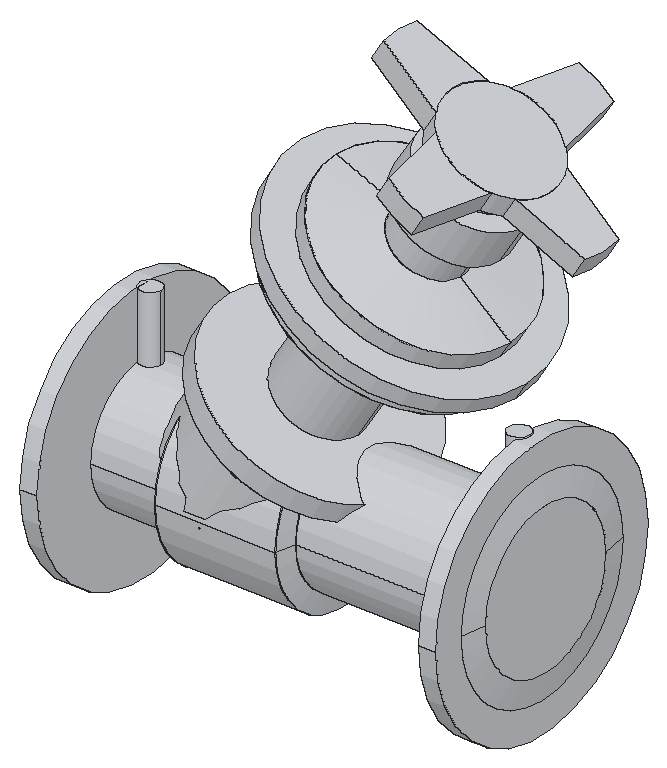
Revit family "224_DN125_40-160_RFA_2018", category Pipe Accessories, Revit 2018
Family settings
  Round Connector Dimension = Use Diameter
  Part Type = Valve - Breaks Into
  Work Plane-Based = No
  Always vertical = Yes
  Cut with Voids When Loaded = No
  Shared = No
Parameters (values of type "224_DN125_(40-160)")
  magiProductId = "9beb69b667494b6ab1f54942078ae6"
  magiProductFamilyId = "cb96b53648234cefb8c956722b95ac"
  magiPartTypeId = 304
  isMeasuringValve [instance] = no
  ang2D [instance] = 0.00°
  Z8 = 25.804 mm
  Z7 = 8.601 mm
  Z6 = 107.518 mm
  Z4 = 43.007 mm
  Z3 = 17.203 mm
  Z2 = 21.504 mm
  Z1 = 64.511 mm
  Y9 = 112.022 mm
  Y8 = 43.927 mm
  X9 = 19.752 mm
  X8 = 30.758 mm
  X5 = 166.25 mm
  X4 = 113.75 mm
  X1 = 16 mm
  W2D = 100 mm
  VersionID = "2.0/2018.4.11.4/ZETKAMA_224_001"
  Use Minimum Symbol Size [instance] = yes
  URL = "www.hydronic.cz"
  Type Comments = "přírubový ventil, PN16; -10~+120°C; dpmin=1,5xdpnast;"
  R8 = 53.625 mm
  R7 = 35.75 mm
  R6 = 96.688 mm
  R5 = 125 mm
  R4 = 113.75 mm
  R3 = 65 mm
  R2 = 95.5 mm
  R12 = 42.75 mm
  R10 = 71 mm
  QmdConnectorList = "301;D;302;D"
  Productdata [instance] = ""
  Manufacturer = "Hydronic Systems Prague s.r.o."
  Maintenance Zone Under Depth [instance] = 425 mm
  Maintenance Zone Right Depth [instance] = 400 mm
  Maintenance Zone Over Depth [instance] = 425 mm
  Maintenance Zone Left Depth [instance] = 400 mm
  Maintenance Zone Front Depth [instance] = 273 mm
  Maintenance Zone Back Depth [instance] = 273 mm
  Maintenance Zone Front Visibility [instance] = no
  MC Product Code = "224 125 7 (DN125; dpnast 40-160kPa; dpmax=250kPa; kvs=169,0kPa)"
  MC Piping Given Pressure Drop [instance] = 0.0 Pa
  LT2 = 200 mm
  L3 = 72 mm
  L2D_Min = 3048 mm
  L2D = 350 mm
  H5 = 62.5 mm
  FDT2 = 125 mm
  Description = "Regulátor diferenčního tlaku přírubový"
  DT21 = 62.5 mm
  DT2 = 62.5 mm
  D6 = 101.562 mm
  D5 = 81.25 mm
  D = 125 mm
  Clearance Zone Height Depth [instance] = 425 mm
  Clearance Zone Circular Radius [instance] = 400 mm
  Clearance Zone Visibility [instance] = no
  CAT0 = yes
  ARC2 = 1.728 mm
  ARC1 = 9.698 mm
  ANG = 32.00°
  A2 = 37.094 mm
  A1 = 59.363 mm
Types (10, lengths in mm): name | magiProductId | Z8 | Z7 | Z6 | Z4 | Z3 | Z2 | Z1 | X5 | X4 | X1 | R5 | R3 | R2 | R10 | Maintenance Zone Under Depth | Maintenance Zone Right Depth | Maintenance Zone Over Depth | Maintenance Zone Left Depth | MC Product Code | LT2 | L3 | H5 | FDT2 | DT21 | DT2 | D6 | D5 | D | Clearance Zone Height Depth | Clearance Zone Circular Radius | A2 | A1
  224_DN100_(40-160) | "71f9e553003c40d991c5e352e67284" | 24.389 | 8.13 | 101.622 | 40.649 | 16.26 | 20.324 | 60.973 | 152.2 | 91 | 14 | 110 | 52 | 80.5 | 58 | 405 | 350 | 405 | 350 | "224 100 7 (DN100; dpnast 40-160kPa; dpmax=250kPa; kvs=110,0kPa)" | 175 | 62.8 | 60 | 110 | 50 | 50 | 81.25 | 65 | 100 | 405 | 350 | 32.458 | 51.943
  224_DN100_(20-70) | "5e4de33176c64976a9c157b39996ce" | 24.389 | 8.13 | 101.622 | 40.649 | 16.26 | 20.324 | 60.973 | 152.2 | 91 | 14 | 110 | 52 | 80.5 | 58 | 405 | 350 | 405 | 350 | "224 100 3 (DN100; dpnast 20-70kPa; dpmax=250kPa; kvs=110,0kPa)" | 175 | 62.8 | 60 | 110 | 50 | 50 | 81.25 | 65 | 100 | 405 | 350 | 32.458 | 51.943
  224_DN125_(40-160) | "9beb69b667494b6ab1f54942078ae6" | 25.804 | 8.601 | 107.518 | 43.007 | 17.203 | 21.504 | 64.511 | 166.25 | 113.75 | 16 | 125 | 65 | 95.5 | 71 | 425 | 400 | 425 | 400 | "224 125 7 (DN125; dpnast 40-160kPa; dpmax=250kPa; kvs=169,0kPa)" | 200 | 72 | 62.5 | 125 | 62.5 | 62.5 | 101.562 | 81.25 | 125 | 425 | 400 | 37.094 | 59.363
  224_DN125_(20-70) | "2c85edc695ca465cb63b6911085491" | 25.804 | 8.601 | 107.518 | 43.007 | 17.203 | 21.504 | 64.511 | 166.25 | 113.75 | 16 | 125 | 65 | 95.5 | 71 | 425 | 400 | 425 | 400 | "224 125 3 (DN125; dpnast 20-70kPa; dpmax=250kPa; kvs=169,0kPa)" | 200 | 72 | 62.5 | 125 | 62.5 | 62.5 | 101.562 | 81.25 | 125 | 425 | 400 | 37.094 | 59.363
  224_DN150_(40-160) | "96017eba5eec4de2abe05c4d8dc7d1" | 26.866 | 8.955 | 89.552 | 44.776 | 17.91 | 22.388 | 89.552 | 223.38 | 115.5 | 19.2 | 142.5 | 70.2 | 108.5 | 84 | 440 | 480 | 440 | 480 | "224 150 7 (DN150; dpnast 40-160kPa; dpmax=250kPa; kvs=200,0kPa)" | 240 | 86.72 | 67.5 | 142.5 | 67.5 | 75 | 90.75 | 82.5 | 150 | 440 | 480 | 44.513 | 71.236
  224_DN150_(20-70) | "2dcf3707ec5549d494f72875a03dce" | 26.866 | 8.955 | 89.552 | 44.776 | 17.91 | 22.388 | 89.552 | 223.38 | 115.5 | 19.2 | 142.5 | 70.2 | 108.5 | 84 | 440 | 480 | 440 | 480 | "224 150 3 (DN150; dpnast 20-70kPa; dpmax=250kPa; kvs=200,0kPa)" | 240 | 86.72 | 67.5 | 142.5 | 67.5 | 75 | 90.75 | 82.5 | 150 | 440 | 480 | 44.513 | 71.236
  224_DN065_(40-160) | "7a3227ed888c4b0d8669ae9eb0085d" | 22.974 | 7.658 | 95.726 | 38.29 | 15.316 | 19.145 | 57.436 | 139.89 | 59.15 | 11.6 | 92.5 | 33.8 | 63 | 40.5 | 385 | 290 | 385 | 290 | "224 065 7 (DN65; dpnast 40-160kPa; dpmax=300kPa; kvs=48,4kPa)" | 145 | 51.76 | 60 | 92.5 | 32.5 | 32.5 | 52.812 | 42.25 | 65 | 385 | 290 | 26.893 | 43.038
  224_DN065_(20-70) | "bd269db4002540fe9b2a41f205afd7" | 22.974 | 7.658 | 95.726 | 38.29 | 15.316 | 19.145 | 57.436 | 139.89 | 59.15 | 11.6 | 92.5 | 33.8 | 63 | 40.5 | 385 | 290 | 385 | 290 | "224 065 3 (DN65; dpnast 20-70kPa; dpmax=300kPa; kvs=48,4kPa)" | 145 | 51.76 | 60 | 92.5 | 32.5 | 32.5 | 52.812 | 42.25 | 65 | 385 | 290 | 26.893 | 43.038
  224_DN080_(40-160) | "20b45c03d3cb49e9a44f946d5e2c2d" | 23.328 | 7.776 | 97.2 | 38.88 | 15.552 | 19.44 | 58.32 | 140.96 | 72.8 | 12.4 | 100 | 41.6 | 70.5 | 48 | 390 | 310 | 390 | 310 | "224 080 7 (DN80; dpnast 40-160kPa; dpmax=300kPa; kvs=74,5kPa)" | 155 | 55.44 | 60 | 100 | 40 | 40 | 65 | 52 | 80 | 390 | 310 | 28.748 | 46.007
  224_DN080_(20-70) | "2f63645f7c5342ecbadd0051fa47f2" | 23.328 | 7.776 | 97.2 | 38.88 | 15.552 | 19.44 | 58.32 | 140.96 | 72.8 | 12.4 | 100 | 41.6 | 70.5 | 48 | 390 | 310 | 390 | 310 | "224 080 3 (DN80; dpnast 20-70kPa; dpmax=300kPa; kvs=74,5kPa)" | 155 | 55.44 | 60 | 100 | 40 | 40 | 65 | 52 | 80 | 390 | 310 | 28.748 | 46.007
Reference planes
  plane 1 "Center (Front/Back)": y = 0
  plane 2 "XYPLANE": z = 0
  plane 3 "Center (Left/Right)": x = 0
  plane 4 "274": z = -425
  plane 5 "273": z = 425
  plane 6 "272": x = -400
  plane 7 "271": x = 400
  plane 8 "270": y = 273
  plane 9 "269": y = -273
  plane 10 "202": x = 175
  plane 11 "201": z = 62.5
  plane 12 "199": x = -173
  plane 13 "196": x = 13.75
  plane 14 "195": x = 9.75
  plane 15 "186": x = -104
  plane 16 "185": x = -108
  plane 17 "157": through (-518.951, 0, 584.815) normal (0.5299, 0, 0.848)
  plane 18 "123": y = -19.752
  plane 19 "122": y = -30.758
  plane 20 "120": y = 19.752
  plane 21 "119": y = 30.758
  plane 22 "118": through (252.097, 0, 726.856) normal (0.848, 0, -0.5299)
  plane 23 "117": through (384.349, 0, 644.216) normal (0.848, 0, -0.5299)
  plane 24 "116": through (442.096, 0, 608.131) normal (0.848, 0, -0.5299)
  plane 25 "115": through (309.844, 0, 690.772) normal (0.848, 0, -0.5299)
  plane 26 "113": y = -43.927
  plane 27 "112": y = -112.022
  plane 28 "110": through (373.181, 0, 651.195) normal (0.848, 0, -0.5299)
  plane 29 "108": through (330.345, 0, 677.961) normal (0.848, 0, -0.5299)
  plane 30 "107": through (321.012, 0, 683.793) normal (0.848, 0, -0.5299)
  plane 31 "106": through (363.848, 0, 657.027) normal (0.848, 0, -0.5299)
  plane 32 "105": y = 112.022
  plane 33 "104": y = 43.927
  plane 34 "99": through (-439.185, 0, 712.467) normal (0.5299, 0, 0.848)
  plane 35 "96": through (-450.58, 0, 694.231) normal (0.5299, 0, 0.848)
  plane 36 "91": through (-473.37, 0, 657.759) normal (0.5299, 0, 0.848)
  plane 37 "87": through (-496.161, 0, 621.287) normal (0.5299, 0, 0.848)
  plane 38 "84": through (-500.719, 0, 613.992) normal (0.5299, 0, 0.848)
  plane 39 "82": through (-509.835, 0, 599.404) normal (0.5299, 0, 0.848)
  plane 40 "75": through (-528.067, 0, 570.226) normal (0.5299, 0, 0.848)
  plane 41 "74": through (-541.741, 0, 548.342) normal (0.5299, 0, 0.848)
  plane 42 "41": through (-598.717, 0, 457.162) normal (0.5299, 0, 0.848)
  plane 43 "37": through (-610.112, 0, 438.926) normal (0.5299, 0, 0.848)
  plane 44 "34": through (-621.508, 0, 420.69) normal (0.5299, 0, 0.848)
  plane 45 "30": through (-655.693, 0, 365.982) normal (0.5299, 0, 0.848)
  plane 46 "28": y = 0
  plane 47 "27": through (347.096, 0, 667.494) normal (0.848, 0, -0.5299)
  plane 48 "24": x = 196
  plane 49 "23": x = 180
  plane 50 "15": x = -180
  plane 51 "11": x = -196
  plane 52 "6": x = 200
  plane 53 "5": x = -200
  plane 54 "3": z = 0
  plane 55 "2": y = 0
  plane 56 "1": x = 0
  plane 57 "25XY": through (-636.036, 0, 397.439) normal (0.5299, 0, 0.848)
  plane 58 "25XZ": y = 0
  plane 59 "25YZ": through (397.439, 0, 636.036) normal (0.848, 0, -0.5299)
Forms (mm)
  Blend 1, solid, visible <- "CAT0"
    base sketch origin (-541.741, 0, 548.342) x (0.848048, 0, -0.529919) y (0, 1, 0)
      loop
        circle (690.637, 0) r 42.75
    top sketch origin (-541.741, 0, 548.342) x (0.848048, 0, -0.529919) y (0, 1, 0)
      loop
        circle (690.637, 0) r 113.75
    from 0 to 25.804
  Blend 2, solid, visible <- "Maintenance Zone Front Visibility"
    base sketch origin (-750, 0, 425) x (1, 0, 0) y (0, 1, 0)
      loop
        line (350, 273) -> (350, -273) -> (1150, -273) -> (1150, 273) -> (350, 273)
    top sketch origin (-750, 0, 425) x (1, 0, 0) y (0, 1, 0)
      loop
        line (350, 273) -> (350, -273) -> (1150, -273) -> (1150, 273) -> (350, 273)
    from 0 to -850
  Extrusion 3, solid, visible <- "Clearance Zone Visibility"
    sketch origin (-750, 0, 0) x (1, 0, 0) y (0, 1, 0)
      loop
        circle (750, 0) r 400
    from 0 to 425 <- "Clearance Zone Height Depth"
  Extrusion 4, solid, visible <- "CAT0"
    sketch origin (-598.717, 0, 457.162) x (0.848048, 0, -0.529919) y (0, 1, 0)
      loop
        circle (690.637, 0) r 42.75
    from 0 to 107.518 <- "Z6"
  Extrusion 5, solid
    sketch origin (-750, 0, 62.5) x (1, 0, 0) y (0, 1, 0)
      loop
        circle (925, 0) r 10
    from 0 to 62.5 <- "H5"
  Extrusion 6, solid
    sketch origin (-750, 0, 62.5) x (1, 0, 0) y (0, 1, 0)
      loop
        circle (577, 0) r 10
    from 0 to 62.5 <- "H5"
  Extrusion 7, solid
    sketch origin (13.75, -750, 0) x (0, 1, 0) y (0, 0, 1)
      loop
        circle (750, 0) r 62.5
    from 0 to 166.25 <- "X5"
  Blend 8, solid
    base sketch origin (13.75, -750, 0) x (0, 1, 0) y (0, 0, 1)
      loop
        circle (750, 0) r 62.5
    top sketch origin (13.75, -750, 0) x (0, 1, 0) y (0, 0, 1)
      loop
        circle (750, 0) r 81.25
    from 0 to -4
  Extrusion 9, solid
    sketch origin (-104, -750, 0) x (0, 1, 0) y (0, 0, 1)
      loop
        circle (750, 0) r 81.25
    from 0 to 113.75 <- "X4"
  Blend 10, solid
    base sketch origin (-108, -750, 0) x (0, 1, 0) y (0, 0, 1)
      loop
        circle (750, 0) r 62.5
    top sketch origin (-108, -750, 0) x (0, 1, 0) y (0, 0, 1)
      loop
        circle (750, 0) r 81.25
    from 0 to 4
  Extrusion 11, solid
    sketch origin (-655.693, 0, 365.982) x (0.848048, 0, -0.529919) y (0, 1, 0)
      loop
        circle (690.637, 0) r 81.25
    from 0 to 64.511 <- "Z1"
  Extrusion 12, solid
    sketch origin (-528.067, 0, 570.226) x (0.848048, 0, -0.529919) y (0, 1, 0)
      loop
        circle (690.637, 0) r 113.75
    from 0 to 17.203 <- "Z3"
  Extrusion 13, solid
    sketch origin (-439.185, 0, 712.467) x (0.848048, 0, -0.529919) y (0, 1, 0)
      loop
        line (734.564, -30.758) -> (802.659, -19.752)
        arc (802.659, -19.752) -> (804.387, 0) -> (802.659, 19.752) r 113.75
        line (802.659, 19.752) -> (734.564, 30.758)
        arc (734.564, 30.758) -> (744.262, 0) -> (734.564, -30.758) r 53.625
    from 0 to 21.504 <- "Z2"
  Extrusion 14, solid
    sketch origin (-439.185, 0, 712.467) x (0.848048, 0, -0.529919) y (0, 1, 0)
      loop
        line (646.71, 30.758) -> (578.615, 19.752)
        arc (578.615, 19.752) -> (576.887, 0) -> (578.615, -19.752) r 113.75
        line (578.615, -19.752) -> (646.71, -30.758)
        arc (646.71, -30.758) -> (637.012, 0) -> (646.71, 30.758) r 53.625
    from 0 to 21.504 <- "Z2"
  Extrusion 15, solid
    sketch origin (-439.185, 0, 712.467) x (0.848048, 0, -0.529919) y (0, 1, 0)
      loop
        line (659.879, -43.927) -> (670.884, -112.022)
        arc (670.884, -112.022) -> (690.637, -113.75) -> (710.389, -112.022) r 113.75
        line (710.389, -112.022) -> (721.395, -43.927)
        arc (721.395, -43.927) -> (690.637, -53.625) -> (659.879, -43.927) r 53.625
    from 0 to 21.504 <- "Z2"
  Extrusion 16, solid
    sketch origin (-439.185, 0, 712.467) x (0.848048, 0, -0.529919) y (0, 1, 0)
      loop
        line (721.395, 43.927) -> (710.389, 112.022)
        arc (710.389, 112.022) -> (690.637, 113.75) -> (670.884, 112.022) r 113.75
        line (670.884, 112.022) -> (659.879, 43.927)
        arc (659.879, 43.927) -> (690.637, 53.625) -> (721.395, 43.927) r 53.625
    from 0 to 21.504 <- "Z2"
  Extrusion 17, solid
    sketch origin (-439.185, 0, 712.467) x (0.848048, 0, -0.529919) y (0, 1, 0)
      loop
        circle (690.637, 0) r 53.625
    from 0 to 21.504 <- "Z2"
  Extrusion 18, solid
    sketch origin (-450.58, 0, 694.231) x (0.848048, 0, -0.529919) y (0, 1, 0)
      loop
        circle (690.637, 0) r 35.75
    from 0 to 21.504 <- "Z2"
  Extrusion 19, solid
    sketch origin (-473.37, 0, 657.759) x (0.848048, 0, -0.529919) y (0, 1, 0)
      loop
        circle (690.637, 0) r 53.625
    from 0 to 43.007 <- "Z4"
  Extrusion 20, solid
    sketch origin (-496.161, 0, 621.287) x (0.848048, 0, -0.529919) y (0, 1, 0)
      loop
        circle (690.637, 0) r 35.75
    from 0 to 43.007 <- "Z4"
  Blend 21, solid
    base sketch origin (-500.719, 0, 613.992) x (0.848048, 0, -0.529919) y (0, 1, 0)
      loop
        circle (690.637, 0) r 96.688
    top sketch origin (-500.719, 0, 613.992) x (0.848048, 0, -0.529919) y (0, 1, 0)
      loop
        circle (690.637, 0) r 35.75
    from 0 to 8.601
  Extrusion 22, solid
    sketch origin (-509.835, 0, 599.404) x (0.848048, 0, -0.529919) y (0, 1, 0)
      loop
        circle (690.637, 0) r 96.688
    from 0 to 17.203 <- "Z3"
  Extrusion 23, solid
    sketch origin (-518.951, 0, 584.815) x (0.848048, 0, -0.529919) y (0, 1, 0)
      loop
        circle (690.637, 0) r 125
    from 0 to 17.203 <- "Z3"
  Extrusion 24, solid
    sketch origin (-610.112, 0, 438.926) x (0.848048, 0, -0.529919) y (0, 1, 0)
      loop
        circle (690.637, 0) r 101.562
    from 0 to 21.504 <- "Z2"
  Extrusion 25, solid
    sketch origin (-621.508, 0, 420.69) x (0.848048, 0, -0.529919) y (0, 1, 0)
      loop
        circle (690.637, 0) r 65
    from 0 to 21.504 <- "Z2"
  Blend 26, solid
    base sketch origin (196, -750, 0) x (0, 1, 0) y (0, 0, 1)
      loop
        circle (750, 0) r 95.5
    top sketch origin (196, -750, 0) x (0, 1, 0) y (0, 0, 1)
      loop
        circle (750, 0) r 71
    from 0 to 4
  Extrusion 27, solid
    sketch origin (180, -750, 0) x (0, 1, 0) y (0, 0, 1)
      loop
        circle (750, 0) r 125
    from 0 to 16 <- "X1"
  Extrusion 28, solid
    sketch origin (-180, -750, 0) x (0, 1, 0) y (0, 0, 1)
      loop
        circle (750, 0) r 62.5
    from 0 to 72 <- "L3"
  Extrusion 29, solid
    sketch origin (-196, -750, 0) x (0, 1, 0) y (0, 0, 1)
      loop
        circle (750, 0) r 125
    from 0 to 16 <- "X1"
  Blend 30, solid
    base sketch origin (-200, -750, 0) x (0, 1, 0) y (0, 0, 1)
      loop
        circle (750, 0) r 71
    top sketch origin (-200, -750, 0) x (0, 1, 0) y (0, 0, 1)
      loop
        circle (750, 0) r 95.5
    from 0 to 4
  Extrusion 31, solid, not visible
    sketch origin (200, -750, 0) x (0, 1, 0) y (0, 0, 1)
      loop
        circle (750, 0) r 10
    from 0 to -10
  Extrusion 32, solid, not visible
    sketch origin (-200, -750, 0) x (0, 1, 0) y (0, 0, 1)
      loop
        circle (750, 0) r 10
    from 0 to 10
Lines and regions (mm)
  reference lines, not visible
    curve 1: circle (10.95, 2, 0) r 1 normal (0, 0, 1)
  reference lines
    curve 2: line (183.76, -30.758, 323.208) -> (183.76, 30.758, 323.208)
    curve 3: line (241.508, 19.752, 287.123) -> (241.508, -19.752, 287.123)
    curve 4: line (109.256, 30.758, 369.763) -> (109.256, -30.758, 369.763)
    curve 5: line (51.508, -19.752, 405.848) -> (51.508, 19.752, 405.848)
    curve 6: line (120.424, -43.927, 362.785) -> (172.593, -43.927, 330.186)
    curve 7: line (163.259, -112.022, 336.018) -> (129.757, -112.022, 356.953)
    curve 8: line (172.593, 43.927, 330.186) -> (120.424, 43.927, 362.785)
    curve 9: line (129.757, 112.022, 356.953) -> (163.259, 112.022, 336.018)
Dimensions and locks
  plane 1 "Center (Front/Back)" to curve 1 = 2 mm
  "Maintenance Zone Under Depth": plane 2 "XYPLANE" to plane 4 "274"
  "Maintenance Zone Over Depth": plane 2 "XYPLANE" to plane 5 "273"
  "Maintenance Zone Left Depth": plane 3 "Center (Left/Right)" to plane 6 "272"
  "Maintenance Zone Right Depth": plane 3 "Center (Left/Right)" to plane 7 "271"
  "Maintenance Zone Back Depth": plane 1 "Center (Front/Back)" to plane 8 "270"
  "Maintenance Zone Front Depth": plane 1 "Center (Front/Back)" to plane 9 "269"
  locked: plane 49 "23" to plane 10 "202" at 5
  "DT2": plane 2 "XYPLANE" to plane 11 "201"
  locked: plane 50 "15" to plane 12 "199" at 7
  locked: plane 14 "195" to plane 13 "196" at 4
  "X4": plane 15 "186" to plane 14 "195"
  locked: plane 16 "185" to plane 15 "186" at 4
  "L3": plane 50 "15" to plane 16 "185"
  "Z3": plane 40 "75" to plane 17 "157"
  "X9": plane 55 "2" to plane 18 "123"
  "X8": plane 55 "2" to plane 19 "122"
  "X9": plane 55 "2" to plane 20 "120"
  "X8": plane 55 "2" to plane 21 "119"
  "Y9": plane 47 "27" to plane 22 "118"
  "Y8": plane 47 "27" to plane 23 "117"
  "Y9": plane 47 "27" to plane 24 "116"
  "Y8": plane 47 "27" to plane 25 "115"
  "Y8": plane 55 "2" to plane 26 "113"
  "Y9": plane 55 "2" to plane 27 "112"
  "X8": plane 47 "27" to plane 28 "110"
  "X9": plane 47 "27" to plane 29 "108"
  "X8": plane 47 "27" to plane 30 "107"
  "X9": plane 47 "27" to plane 31 "106"
  "Y9": plane 55 "2" to plane 32 "105"
  "Y8": plane 55 "2" to plane 33 "104"
  "Z2": plane 35 "96" to plane 34 "99"
  "Z4": plane 36 "91" to plane 35 "96"
  "Z4": plane 37 "87" to plane 36 "91"
  "Z7": plane 38 "84" to plane 37 "87"
  "Z3": plane 39 "82" to plane 38 "84"
  "Z3": plane 17 "157" to plane 39 "82"
  "Z8": plane 41 "74" to plane 40 "75"
  "Z6": plane 42 "41" to plane 41 "74"
  "Z2": plane 43 "37" to plane 42 "41"
  "Z2": plane 44 "34" to plane 43 "37"
  "Z1": plane 45 "30" to plane 44 "34"
  "A2": plane 57 "25XY" to plane 45 "30"
  locked: plane 55 "2" to plane 46 "28"
  "A1": plane 59 "25YZ" to plane 47 "27"
  "X1": plane 49 "23" to plane 48 "24"
  "X5": plane 13 "196" to plane 49 "23"
  "X1": plane 51 "11" to plane 50 "15"
  locked: plane 53 "5" to plane 51 "11" at 4
  "LT2": plane 3 "Center (Left/Right)" to plane 52 "6"
  "LT2": plane 3 "Center (Left/Right)" to plane 53 "5"
  locked: plane 2 "XYPLANE" to plane 54 "3"
  locked: plane 1 "Center (Front/Back)" to plane 55 "2"
  locked: plane 3 "Center (Left/Right)" to plane 56 "1"
  Blend 2 sketch curve to Blend 2 sketch curve = 0 mm  (x16)
  "ARC1": curve 2 to Extrusion 13 sketch curve
  "ARC2": curve 3 to Extrusion 13 sketch curve
  Extrusion 13 sketch curve to Extrusion 13 sketch curve = 0 mm  (x8)
  "ARC1": curve 4 to Extrusion 14 sketch curve
  "ARC2": curve 5 to Extrusion 14 sketch curve
  Extrusion 14 sketch curve to Extrusion 14 sketch curve = 0 mm  (x8)
  "ARC1": curve 6 to Extrusion 15 sketch curve
  "ARC2": curve 7 to Extrusion 15 sketch curve
  Extrusion 15 sketch curve to Extrusion 15 sketch curve = 0 mm  (x8)
  "ARC1": curve 8 to Extrusion 16 sketch curve
  "ARC2": curve 9 to Extrusion 16 sketch curve
  Extrusion 16 sketch curve to Extrusion 16 sketch curve = 0 mm  (x8)
  "R4": radius of Blend 1 sketch curve
  "R12": radius of Blend 1 sketch curve
  "Clearance Zone Circular Radius": radius of Extrusion 3 sketch curve
  "R12": radius of Extrusion 4 sketch curve
  "DT21": radius of Extrusion 7 sketch curve
  "D5": radius of Blend 8 sketch curve
  "DT21": radius of Blend 8 sketch curve
  "D5": radius of Extrusion 9 sketch curve
  "D5": radius of Blend 10 sketch curve
  "DT21": radius of Blend 10 sketch curve
  "D5": radius of Extrusion 11 sketch curve
  "R4": radius of Extrusion 12 sketch curve
  "R8": radius of Extrusion 17 sketch curve
  "R7": radius of Extrusion 18 sketch curve
  "R8": radius of Extrusion 19 sketch curve
  "R7": radius of Extrusion 20 sketch curve
  "R7": radius of Blend 21 sketch curve
  "R6": radius of Blend 21 sketch curve
  "R6": radius of Extrusion 22 sketch curve
  "R5": radius of Extrusion 23 sketch curve
  "D6": radius of Extrusion 24 sketch curve
  "R3": radius of Extrusion 25 sketch curve
  "R10": radius of Blend 26 sketch curve
  "R2": radius of Blend 26 sketch curve
  "FDT2": radius of Extrusion 27 sketch curve
  "DT21": radius of Extrusion 28 sketch curve
  "FDT2": radius of Extrusion 29 sketch curve
  "R2": radius of Blend 30 sketch curve
  "R10": radius of Blend 30 sketch curve
  aligned and locked: level to plane 2 "XYPLANE"
  aligned and locked: plane 46 "28" to Blend 1 sketch curve  (x2)
  aligned and locked: Blend 1 sketch curve to plane 47 "27"  (x2)
  aligned and locked: plane 40 "75" to Blend 1
  aligned and locked: Blend 2 sketch curve to plane 6 "272"  (x2)
  aligned and locked: plane 8 "270" to Blend 2 sketch curve  (x4)
  aligned and locked: plane 9 "269" to Blend 2 sketch curve  (x4)
  aligned and locked: plane 6 "272" to Blend 2 sketch curve  (x2)
  aligned and locked: plane 7 "271" to Blend 2 sketch curve  (x4)
  aligned and locked: Blend 2 to plane 4 "274"
  aligned and locked: plane 55 "2" to Extrusion 3 sketch curve
  aligned and locked: plane 56 "1" to Extrusion 3 sketch curve
  aligned and locked: plane 46 "28" to Extrusion 4 sketch curve
  aligned and locked: Extrusion 4 sketch curve to plane 47 "27"
  aligned and locked: plane 10 "202" to Extrusion 5 sketch curve
  aligned and locked: plane 55 "2" to Extrusion 5 sketch curve
  aligned and locked: plane 12 "199" to Extrusion 6 sketch curve
  aligned and locked: plane 55 "2" to Extrusion 6 sketch curve
  aligned and locked: plane 54 "3" to Extrusion 7 sketch curve
  aligned and locked: Extrusion 7 sketch curve to plane 55 "2"
  aligned and locked: plane 54 "3" to Blend 8 sketch curve  (x2)
  aligned and locked: Blend 8 sketch curve to plane 55 "2"  (x2)
  aligned and locked: Blend 8 to plane 14 "195"
  aligned and locked: plane 54 "3" to Extrusion 9 sketch curve
  aligned and locked: Extrusion 9 sketch curve to plane 55 "2"
  aligned and locked: plane 54 "3" to Blend 10 sketch curve  (x2)
  aligned and locked: Blend 10 sketch curve to plane 55 "2"  (x2)
  aligned and locked: plane 15 "186" to Blend 10
  aligned and locked: plane 46 "28" to Extrusion 11 sketch curve
  aligned and locked: Extrusion 11 sketch curve to plane 47 "27"
  aligned and locked: plane 46 "28" to Extrusion 12 sketch curve
  aligned and locked: Extrusion 12 sketch curve to plane 47 "27"
  aligned and locked: curve 2 to plane 23 "117"
  aligned and locked: plane 19 "122" to curve 2
  aligned and locked: plane 21 "119" to curve 2
  aligned and locked: plane 21 "119" to Extrusion 13 sketch curve
  aligned and locked: plane 23 "117" to Extrusion 13 sketch curve
  aligned and locked: plane 20 "120" to Extrusion 13 sketch curve
  aligned and locked: plane 24 "116" to Extrusion 13 sketch curve
  aligned and locked: curve 3 to plane 24 "116"
  aligned and locked: plane 20 "120" to curve 3
  aligned and locked: plane 18 "123" to curve 3
  aligned and locked: plane 18 "123" to Extrusion 13 sketch curve
  aligned and locked: Extrusion 13 sketch curve to plane 24 "116"
  aligned and locked: plane 19 "122" to Extrusion 13 sketch curve
  aligned and locked: Extrusion 13 sketch curve to plane 23 "117"
  aligned and locked: curve 4 to plane 25 "115"
  aligned and locked: plane 21 "119" to curve 4
  aligned and locked: plane 19 "122" to curve 4
  aligned and locked: plane 19 "122" to Extrusion 14 sketch curve
  aligned and locked: Extrusion 14 sketch curve to plane 25 "115"
  aligned and locked: plane 18 "123" to Extrusion 14 sketch curve
  aligned and locked: Extrusion 14 sketch curve to plane 22 "118"
  aligned and locked: curve 5 to plane 22 "118"
  aligned and locked: plane 18 "123" to curve 5
  aligned and locked: plane 20 "120" to curve 5
  aligned and locked: plane 20 "120" to Extrusion 14 sketch curve
  aligned and locked: plane 22 "118" to Extrusion 14 sketch curve
  aligned and locked: plane 21 "119" to Extrusion 14 sketch curve
  aligned and locked: plane 25 "115" to Extrusion 14 sketch curve
  aligned and locked: curve 6 to plane 26 "113"
  aligned and locked: curve 6 to plane 30 "107"
  aligned and locked: curve 6 to plane 28 "110"
  aligned and locked: plane 26 "113" to Extrusion 15 sketch curve  (x2)
  aligned and locked: Extrusion 15 sketch curve to plane 28 "110"
  aligned and locked: plane 27 "112" to Extrusion 15 sketch curve  (x2)
  aligned and locked: Extrusion 15 sketch curve to plane 31 "106"
  aligned and locked: plane 27 "112" to curve 7
  aligned and locked: curve 7 to plane 31 "106"
  aligned and locked: curve 7 to plane 29 "108"
  aligned and locked: Extrusion 15 sketch curve to plane 29 "108"
  aligned and locked: Extrusion 15 sketch curve to plane 30 "107"
  aligned and locked: plane 33 "104" to curve 8
  aligned and locked: plane 28 "110" to curve 8
  aligned and locked: plane 30 "107" to curve 8
  aligned and locked: plane 30 "107" to Extrusion 16 sketch curve
  aligned and locked: plane 33 "104" to Extrusion 16 sketch curve  (x2)
  aligned and locked: plane 29 "108" to Extrusion 16 sketch curve
  aligned and locked: plane 32 "105" to Extrusion 16 sketch curve  (x2)
  aligned and locked: curve 9 to plane 32 "105"
  aligned and locked: plane 29 "108" to curve 9
  aligned and locked: plane 31 "106" to curve 9
  aligned and locked: plane 31 "106" to Extrusion 16 sketch curve
  aligned and locked: plane 28 "110" to Extrusion 16 sketch curve
  aligned and locked: plane 46 "28" to Extrusion 17 sketch curve
  aligned and locked: Extrusion 17 sketch curve to plane 47 "27"
  aligned and locked: plane 46 "28" to Extrusion 18 sketch curve
  aligned and locked: Extrusion 18 sketch curve to plane 47 "27"
  aligned and locked: plane 46 "28" to Extrusion 19 sketch curve
  aligned and locked: Extrusion 19 sketch curve to plane 47 "27"
  aligned and locked: plane 46 "28" to Extrusion 20 sketch curve
  aligned and locked: Extrusion 20 sketch curve to plane 47 "27"
  aligned and locked: plane 46 "28" to Blend 21 sketch curve  (x2)
  aligned and locked: Blend 21 sketch curve to plane 47 "27"  (x2)
  aligned and locked: plane 37 "87" to Blend 21
  aligned and locked: plane 46 "28" to Extrusion 22 sketch curve
  aligned and locked: Extrusion 22 sketch curve to plane 47 "27"
  aligned and locked: plane 46 "28" to Extrusion 23 sketch curve
  aligned and locked: Extrusion 23 sketch curve to plane 47 "27"
  aligned and locked: plane 46 "28" to Extrusion 24 sketch curve
  aligned and locked: Extrusion 24 sketch curve to plane 47 "27"
  aligned and locked: plane 46 "28" to Extrusion 25 sketch curve
  aligned and locked: Extrusion 25 sketch curve to plane 47 "27"
  aligned and locked: plane 54 "3" to Blend 26 sketch curve  (x2)
  aligned and locked: Blend 26 sketch curve to plane 55 "2"  (x2)
  aligned and locked: plane 52 "6" to Blend 26
  aligned and locked: plane 54 "3" to Extrusion 27 sketch curve
  aligned and locked: Extrusion 27 sketch curve to plane 55 "2"
  aligned and locked: plane 54 "3" to Extrusion 28 sketch curve
  aligned and locked: Extrusion 28 sketch curve to plane 55 "2"
  aligned and locked: plane 54 "3" to Extrusion 29 sketch curve
  aligned and locked: Extrusion 29 sketch curve to plane 55 "2"
  aligned and locked: plane 54 "3" to Blend 30 sketch curve  (x2)
  aligned and locked: Blend 30 sketch curve to plane 55 "2"  (x2)
  aligned and locked: plane 51 "11" to Blend 30
  aligned and locked: plane 54 "3" to Extrusion 31 sketch curve
  aligned and locked: Extrusion 31 sketch curve to plane 55 "2"
  aligned and locked: plane 54 "3" to Extrusion 32 sketch curve
  aligned and locked: Extrusion 32 sketch curve to plane 55 "2"
Automatic sketch dimensions
  Extrusion 5 sketch curve to Extrusion 5 sketch curve = 10 mm
  Extrusion 6 sketch curve to plane 50 "15" = 3 mm
  plane 18 "123" to Extrusion 31 sketch curve = 9.752 mm
  plane 18 "123" to Extrusion 32 sketch curve = 9.752 mm
  plane 14 "195" to curve 1 = 1.2 mm
  radius of curve 1 = 1 mm
Connectors
  piping at (-200, 0, 0), diameter 125, driven by "D"
    settings: on Extrusion 32, index 1, connector inside diameter 609.6 mm, connector length 0 mm, flow factor 0, pipe flow 0.0 L/s, pressure drop 0.0 Pa, fitting loss kfactor 0, connector angle 0.00°, fixture units 0, engagement length 0 mm, angle of deflection 0.00°, flow configuration 0, flow direction 0, fitting loss method 0, system type 29, joint type 0, gender type 0, connector reference index 2, connector utility 0, adjustable connector no, is connector primary yes, connector description ""
  piping at (200, 0, 0), diameter 125, driven by "D"
    settings: on Extrusion 31, index 2, connector inside diameter 609.6 mm, connector length 0 mm, flow factor 0, pipe flow 0.0 L/s, pressure drop 0.0 Pa, fitting loss kfactor 0, connector angle 0.00°, fixture units 0, engagement length 0 mm, angle of deflection 0.00°, flow configuration 0, flow direction 0, fitting loss method 0, system type 29, joint type 0, gender type 0, connector reference index 1, connector utility 0, adjustable connector no, is connector primary no, connector description ""
